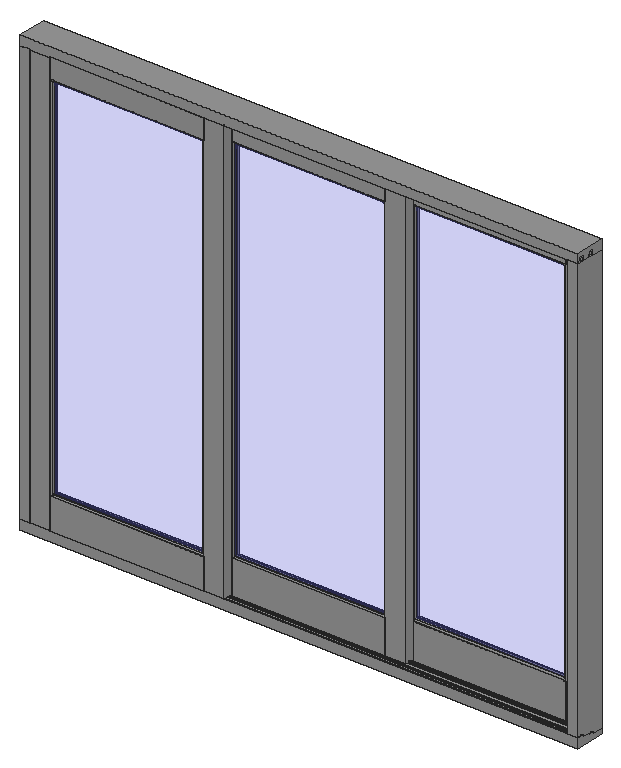
Revit family "VSD2.6TS RH", category Doors, host Wall, Revit 2015
Parameters (values of type "VSD2.6TS RH")
  Function = Interior
  Frame Projection Ext. = 25 mm
  Frame Projection Int. = 25 mm
  Frame Width = 75 mm
  Height = 2100 mm
  Wall Closure = By host
  Width = 2640 mm
Reference planes
  plane 1: y = 0
  plane 2 "Center (Left/Right)": x = 0
  plane 3 "Left": x = -1320
  plane 4 "Right": x = 1320
  plane 5: z = 2100
  plane 6 "Exterior": y = 75
  plane 7 "Interior": y = -75
  plane 8: x = -1275
  plane 9: x = -1170
  plane 10: x = 1275
  plane 11: x = 1170
  plane 12: x = -460
  plane 13: x = -355
  plane 14: x = 460
  plane 15: x = 355
  plane 16: x = 355
  plane 17: x = 460
  plane 18: x = 2905
  plane 19: x = 2800
  plane 20: x = 1170
  plane 21: x = 1275
  plane 22: x = 2090
  plane 23: x = 1985
  plane 24: x = -460
  plane 25: x = -355
  plane 26: x = 2090
  plane 27: x = 1985
  plane 28: x = 355
  plane 29: x = 460
  plane 30: x = 1275
  plane 31: x = 1170
Forms (mm)
  Extrusion 1, solid, material "Lauan, Meranti"
    sketch origin (0, 79.18, -119.746) x (0, 1, 0) y (0, 0, 1)
      loop
        line (-149.18, 119.746) -> (-9.18, 119.746) -> (-9.18, 140.746) -> (-61.18, 140.746) -> (-61.18, 151.746) -> (-85.18, 151.746) -> (-85.18, 152.746) -> (-117.18, 152.746) -> (-117.18, 163.746) -> (-141.18, 163.746) -> (-141.18, 164.746) -> (-149.18, 164.746) -> (-149.18, 119.746)
    from -1320 to 1320
  Extrusion 2, solid, material "Lauan, Meranti"
    sketch origin (0, 0, 0) x (0, 1, 0) y (0, 0, 1)
      loop
        line (70, 2100) -> (-70, 2100) -> (-70, 2055) -> (-61, 2055) -> (-61, 2075) -> (-39, 2075) -> (-39, 2055) -> (-5, 2055) -> (-5, 2075) -> (17, 2075) -> (17, 2055) -> (70, 2055) -> (70, 2100)
    from -1320 to 1320
  Extrusion 3, solid, material "Lauan, Meranti"
    sketch origin (0, 0, 0) x (1, 0, 0) y (0, 1, 0)
      loop
        line (-1320, 70) -> (-1320, -70) -> (-1275, -70) -> (-1275, 50) -> (-1277, 50) -> (-1277, 70) -> (-1320, 70)
      loop
        line (1320, 70) -> (1277, 70) -> (1277, 50) -> (1275, 50) -> (1275, -70) -> (1320, -70) -> (1320, 70)
    from 45 to 2055
  Extrusion 4, solid, material "Lauan, Meranti"
    sketch origin (0, 0, 0) x (1, 0, 0) y (0, 1, 0)
      loop
        line (-1275, 50) -> (-1277, 50) -> (-1277, 70) -> (-1320, 70) -> (-1320, -38) -> (-1275, -38) -> (-1275, 50)
      loop
        line (1275, 50) -> (1275, -38) -> (1320, -38) -> (1320, 70) -> (1277, 70) -> (1277, 50) -> (1275, 50)
    from 33 to 45
  Extrusion 5, solid, material "Steel, Chrome Plated"
    sketch origin (0, 0, 0) x (0, 1, 0) y (0, 0, 1)
      loop
        line (-38, 45) -> (-49, 45) -> (-49, 46.882)
        arc (-49, 46.882) -> (-50, 49.5) -> (-51, 46.882) r 1.5
        line (-51, 46.882) -> (-51, 45) -> (-62, 45) -> (-62, 44) -> (-38, 44) -> (-38, 45)
    from -1320 to 1320
  Extrusion 6, solid, material "Lauan, Meranti"
    sketch origin (0, 0, 0) x (1, 0, 0) y (0, 1, 0)
      loop
        line (-1320, 70) -> (-1320, 18) -> (-1275, 18) -> (-1275, 50) -> (-1277, 50) -> (-1277, 70) -> (-1320, 70)
      loop
        line (1320, 70) -> (1277, 70) -> (1277, 50) -> (1275, 50) -> (1275, 18) -> (1320, 18) -> (1320, 70)
    from 21 to 33
  Extrusion 7, solid, material "Steel, Chrome Plated"
    sketch origin (0, 56, -12) x (0, 1, 0) y (0, 0, 1)
      loop
        line (-38, 45) -> (-49, 45) -> (-49, 46.882)
        arc (-49, 46.882) -> (-50, 49.5) -> (-51, 46.882) r 1.5
        line (-51, 46.882) -> (-51, 45) -> (-62, 45) -> (-62, 44) -> (-38, 44) -> (-38, 45)
    from -460 to 1320
  Extrusion 8, solid, material "Lauan, Meranti"
    sketch origin (0, 0, 0) x (1, 0, 0) y (0, 1, 0)
      loop
        line (-1179, -70) -> (-1179, -68)
        arc (-1179, -68) -> (-1174.265, -66.44) -> (-1172, -62) r 6.549
        line (-1172, -62) -> (-1170, -62) -> (-1170, -60) -> (-1179, -60) -> (-1179, -30) -> (-1275, -30) -> (-1275, -70) -> (-1179, -70)
      loop
        line (-451, -70) -> (-355, -70) -> (-355, -30) -> (-451, -30) -> (-451, -60) -> (-460, -60) -> (-460, -62) -> (-458, -62)
        arc (-458, -62) -> (-455.735, -66.44) -> (-451, -68) r 6.549
        line (-451, -68) -> (-451, -70)
    from 45 to 2055
  Extrusion 9, solid, material "Lauan, Meranti"
    sketch origin (1630, 104, 0) x (1, 0, 0) y (0, 1, 0)
      loop
        line (-1179, -70) -> (-1179, -68)
        arc (-1179, -68) -> (-1174.265, -66.44) -> (-1172, -62) r 6.549
        line (-1172, -62) -> (-1170, -62) -> (-1170, -60) -> (-1179, -60) -> (-1179, -30) -> (-1275, -30) -> (-1275, -70) -> (-1179, -70)
      loop
        line (-451, -70) -> (-355, -70) -> (-355, -30) -> (-451, -30) -> (-451, -60) -> (-460, -60) -> (-460, -62) -> (-458, -62)
        arc (-458, -62) -> (-455.735, -66.44) -> (-451, -68) r 6.549
        line (-451, -68) -> (-451, -70)
    from 21 to 2055
  Extrusion 10, solid, material "Lauan, Meranti"
    sketch origin (1240.468, 46.5, 0) x (0, 1, 0) y (0, 0, 1)
      loop
        line (-4.5, 1952) -> (-4.5, 1950) -> (-2.5, 1950) -> (-2.5, 1959) -> (27.5, 1959) -> (27.5, 2055) -> (-12.5, 2055) -> (-12.5, 1959) -> (-10.5, 1959)
        arc (-10.5, 1959) -> (-8.866, 1954.33) -> (-4.5, 1952) r 6.807
      loop
        line (-12.5, 192) -> (-12.5, 21) -> (27.5, 21) -> (27.5, 192) -> (-2.5, 192) -> (-2.5, 201) -> (-4.5, 201) -> (-4.5, 199)
        arc (-4.5, 199) -> (-8.866, 196.67) -> (-10.5, 192) r 6.807
        line (-10.5, 192) -> (-12.5, 192)
    from -789.468 to -61.468
  Extrusion 11, solid, material "Lauan, Meranti"
    sketch origin (260.468, 46.5, 0) x (0, 1, 0) y (0, 0, 1)
      loop
        line (-52.5, 1952) -> (-52.5, 1950) -> (-50.5, 1950) -> (-50.5, 1959) -> (-20.5, 1959) -> (-20.5, 2055) -> (-60.5, 2055) -> (-60.5, 1959) -> (-58.5, 1959)
        arc (-58.5, 1959) -> (-56.866, 1954.33) -> (-52.5, 1952) r 6.807
      loop
        line (-60.5, 192) -> (-60.5, 33) -> (-20.5, 33) -> (-20.5, 192) -> (-50.5, 192) -> (-50.5, 201) -> (-52.5, 201) -> (-52.5, 199)
        arc (-52.5, 199) -> (-56.866, 196.67) -> (-58.5, 192) r 6.807
        line (-58.5, 192) -> (-60.5, 192)
    from -624.468 to 103.532
  Extrusion 12, solid, material "Lauan, Meranti"
    sketch origin (815, 56, 0) x (1, 0, 0) y (0, 1, 0)
      loop
        line (-1179, -70) -> (-1179, -68)
        arc (-1179, -68) -> (-1174.265, -66.44) -> (-1172, -62) r 6.549
        line (-1172, -62) -> (-1170, -62) -> (-1170, -60) -> (-1179, -60) -> (-1179, -30) -> (-1275, -30) -> (-1275, -70) -> (-1179, -70)
      loop
        line (-451, -70) -> (-355, -70) -> (-355, -30) -> (-451, -30) -> (-451, -60) -> (-460, -60) -> (-460, -62) -> (-458, -62)
        arc (-458, -62) -> (-455.735, -66.44) -> (-451, -68) r 6.549
        line (-451, -68) -> (-451, -70)
    from 33 to 2055
  Extrusion 13, solid, material "Lauan, Meranti"
    sketch origin (-659.532, 46.5, 0) x (0, 1, 0) y (0, 0, 1)
      loop
        line (-108.5, 1952) -> (-108.5, 1950) -> (-106.5, 1950) -> (-106.5, 1959) -> (-76.5, 1959) -> (-76.5, 2055) -> (-116.5, 2055) -> (-116.5, 1959) -> (-114.5, 1959)
        arc (-114.5, 1959) -> (-112.866, 1954.33) -> (-108.5, 1952) r 6.807
      loop
        line (-116.5, 192) -> (-116.5, 45) -> (-76.5, 45) -> (-76.5, 192) -> (-106.5, 192) -> (-106.5, 201) -> (-108.5, 201) -> (-108.5, 199)
        arc (-108.5, 199) -> (-112.866, 196.67) -> (-114.5, 192) r 6.807
        line (-114.5, 192) -> (-116.5, 192)
    from -519.468 to 208.532
  Sweep 14, solid, material "Lauan, Meranti"
    path origin (396.541, -71.95, -1407.63) x (1, 0, 0) y (0, 0, 1)
      loop
        line (54.459, 3366.63) -> (54.459, 1599.63) -> (782.459, 1599.63) -> (782.459, 3366.63) -> (54.459, 3366.63)
    profile origin (815, -71.95, 1959) x (0, 0, 1) y (0, -1, 0)
      loop
        line (-9, -124.5) -> (-9, -126.5) -> (-7, -126.5)
        arc (-7, -126.5) -> (-4.67, -130.866) -> (0, -132.5) r 6.807
        line (0, -132.5) -> (0, -124.5) -> (-9, -124.5)
  Extrusion 15, solid, material "Glass"
    sketch origin (691.517, -61, -241.167) x (1, 0, 0) y (0, 0, 1)
      loop
        line (-240.517, 2200.167) -> (-240.517, 433.167) -> (487.483, 433.167) -> (487.483, 2200.167) -> (-240.517, 2200.167)
    from -112.5 to -106.1
  Sweep 16, solid, material "Lauan, Meranti"
    path origin (-418.469, -119.95, -1407.63) x (1, 0, 0) y (0, 0, 1)
      loop
        line (54.459, 3366.63) -> (54.459, 1599.63) -> (782.459, 1599.63) -> (782.459, 3366.63) -> (54.459, 3366.63)
    profile origin (-0.01, -119.95, 1959) x (0, 0, 1) y (0, -1, 0)
      loop
        line (-9, -124.5) -> (-9, -126.5) -> (-7, -126.5)
        arc (-7, -126.5) -> (-4.67, -130.866) -> (0, -132.5) r 6.807
        line (0, -132.5) -> (0, -124.5) -> (-9, -124.5)
  Extrusion 17, solid, material "Glass"
    sketch origin (-123.493, -109, -241.167) x (1, 0, 0) y (0, 0, 1)
      loop
        line (-240.517, 2200.167) -> (-240.517, 433.167) -> (487.483, 433.167) -> (487.483, 2200.167) -> (-240.517, 2200.167)
    from -112.5 to -106.1
  Sweep 18, solid, material "Lauan, Meranti"
    path origin (-1233.469, -175.95, -1407.63) x (1, 0, 0) y (0, 0, 1)
      loop
        line (54.459, 3366.63) -> (54.459, 1599.63) -> (782.459, 1599.63) -> (782.459, 3366.63) -> (54.459, 3366.63)
    profile origin (-815.01, -175.95, 1959) x (0, 0, 1) y (0, -1, 0)
      loop
        line (-9, -124.5) -> (-9, -126.5) -> (-7, -126.5)
        arc (-7, -126.5) -> (-4.67, -130.866) -> (0, -132.5) r 6.807
        line (0, -132.5) -> (0, -124.5) -> (-9, -124.5)
  Extrusion 19, solid, material "Glass"
    sketch origin (-938.493, -165, -241.167) x (1, 0, 0) y (0, 0, 1)
      loop
        line (-240.517, 2200.167) -> (-240.517, 433.167) -> (487.483, 433.167) -> (487.483, 2200.167) -> (-240.517, 2200.167)
    from -112.5 to -106.1
  Extrusion 20, solid, material "Steel, Chrome Plated"
    sketch origin (0, 0, 0) x (0, 1, 0) y (0, 0, 1)
      loop
        line (16.5, 2075) -> (-4.5, 2075) -> (-4.5, 2055) -> (-2.3, 2055) -> (-2.3, 2072.8) -> (14.3, 2072.8) -> (14.3, 2055) -> (16.5, 2055) -> (16.5, 2075)
    from -1320 to 1320
  Extrusion 21, solid, material "Steel, Chrome Plated"
    sketch origin (0, -56, 0) x (0, 1, 0) y (0, 0, 1)
      loop
        line (16.5, 2075) -> (-4.5, 2075) -> (-4.5, 2055) -> (-2.3, 2055) -> (-2.3, 2072.8) -> (14.3, 2072.8) -> (14.3, 2055) -> (16.5, 2055) -> (16.5, 2075)
    from -1320 to 1320
Cuts and joins
  joined: Extrusion 3, Extrusion 4, Extrusion 6
Lines and regions (mm)
  Opening 1
    outline origin (-3050, -75, 0) x (1, 0, 0) y (0, 0, 1)
      loop
        line (1730, 0) -> (4370, 0) -> (4370, 2100) -> (1730, 2100) -> (1730, 0)
  model lines
    curve 1: line (-255.153, 99.5, 1050) -> (85.77, 99.5, 1050)
    curve 2: line (224.847, 99.5, 1050) -> (85.77, 99.5, 1106.191)
    curve 3: line (85.77, 99.5, 1106.191) -> (85.77, 99.5, 993.809)
    curve 4: line (224.847, 99.5, 1050) -> (85.77, 99.5, 993.809)
    curve 5: line (-1070.153, 99.5, 1050) -> (-729.23, 99.5, 1050)
    curve 6: line (-590.153, 99.5, 1050) -> (-729.23, 99.5, 1106.191)
    curve 7: line (-729.23, 99.5, 1106.191) -> (-729.23, 99.5, 993.809)
    curve 8: line (-590.153, 99.5, 1050) -> (-729.23, 99.5, 993.809)
Text (mm)
  text "Exterior" at (-2295.016, 1099.543, 0), in view "Ref. Level"
  text "Exterior" at (0, 1615.38, 3698.081), in view "Left"
  text "Exterior" at (0, 1036.032, 3874.932), in view "Right"
Dimensions and locks
  equal spacing: plane 3 "Left", plane 2 "Center (Left/Right)", plane 4 "Right"
  "Width": plane 3 "Left" to plane 4 "Right"
  "Height": plane 5 to host wall
  host wall to plane 5 = 2100 mm  (x2)
  locked: plane 6 "Exterior" to host wall at 0
  locked: plane 7 "Interior" to host wall
  plane 3 "Left" to plane 4 "Right" = 2640 mm
  aligned and locked: plane 3 "Left" to Opening 1 sketch curve
  aligned and locked: plane 5 to Opening 1 sketch curve  (x2)
  aligned and locked: Opening 1 sketch curve to plane 4 "Right"
  aligned and locked: Opening 1 sketch curve to level
  aligned and locked: plane 1 to host wall
  aligned and locked: Extrusion 1 to host wall  (x2)
  aligned and locked: Extrusion 2 to host wall  (x2)
Automatic sketch dimensions
  Extrusion 1 sketch curve to level = 0 mm
  Extrusion 1 sketch curve to host wall = 5 mm  (x2)
  Extrusion 1 sketch curve to Extrusion 1 sketch curve = 8 mm
  Extrusion 1 sketch curve to Extrusion 1 sketch curve = 24 mm
  host wall to Extrusion 1 sketch curve = 6 mm
  Extrusion 1 sketch curve to host wall = 18 mm
  level to Extrusion 1 sketch curve = 21 mm
  Extrusion 1 sketch curve to Extrusion 1 sketch curve = 11 mm  (x2)
  Extrusion 1 sketch curve to Extrusion 1 sketch curve = 1 mm  (x2)
  plane 5 to Extrusion 2 sketch curve = 0 mm
  Extrusion 2 sketch curve to host wall = 5 mm  (x2)
  Extrusion 2 sketch curve to Extrusion 2 sketch curve = 9 mm
  Extrusion 2 sketch curve to Extrusion 2 sketch curve = 22 mm
  host wall to Extrusion 2 sketch curve = 5 mm
  Extrusion 2 sketch curve to host wall = 17 mm
  plane 5 to Extrusion 2 sketch curve = 25 mm  (x2)
  Extrusion 2 sketch curve to Extrusion 2 sketch curve = 20 mm  (x3)
  Extrusion 3 sketch curve to plane 3 "Left" = 0 mm
  Extrusion 3 sketch curve to plane 4 "Right" = 0 mm
  Extrusion 3 sketch curve to plane 3 "Left" = 43 mm
  Extrusion 3 sketch curve to host wall = 5 mm  (x4)
  Extrusion 3 sketch curve to Extrusion 3 sketch curve = 45 mm
  plane 4 "Right" to Extrusion 3 sketch curve = 45 mm
  Extrusion 3 sketch curve to Extrusion 3 sketch curve = 2 mm
  Extrusion 3 sketch curve to host wall = 25 mm  (x2)
  Extrusion 4 sketch curve to plane 3 "Left" = 0 mm
  Extrusion 4 sketch curve to plane 4 "Right" = 0 mm
  Extrusion 4 sketch curve to plane 3 "Left" = 43 mm
  Extrusion 4 sketch curve to Extrusion 4 sketch curve = 2 mm  (x2)
  plane 4 "Right" to Extrusion 4 sketch curve = 45 mm
  Extrusion 4 sketch curve to host wall = 5 mm  (x2)
  Extrusion 4 sketch curve to host wall = 25 mm
  Extrusion 4 sketch curve to Extrusion 4 sketch curve = 20 mm
  Extrusion 4 sketch curve to host wall = 37 mm  (x2)
  curve 7 to plane 3 "Left" = 590.77 mm
  curve 5 to curve 8 = 139.078 mm
  plane 2 "Center (Left/Right)" to curve 3 = 85.77 mm
  curve 1 to curve 4 = 139.078 mm
  level to curve 4 = 993.809 mm
  curve 7 to curve 3 = 0 mm
  curve 7 to curve 8 = 56.191 mm
  curve 3 to curve 4 = 56.191 mm
  curve 3 to curve 3 = 112.382 mm
  curve 7 to curve 7 = 112.382 mm
  curve 5 to plane 3 "Left" = 249.847 mm
  curve 1 to plane 2 "Center (Left/Right)" = 255.153 mm
  curve 1 to curve 2 = 56.191 mm
  curve 5 to curve 6 = 56.191 mm
  Extrusion 5 sketch curve to host wall = 13 mm
  Extrusion 5 sketch curve to Extrusion 5 sketch curve = 11 mm  (x2)
  Extrusion 5 sketch curve to Extrusion 5 sketch curve = 1 mm  (x4)
  level to Extrusion 5 sketch curve = 44 mm
  Extrusion 5 sketch curve to Extrusion 5 sketch curve = 1.882 mm
  Extrusion 5 sketch curve to Extrusion 5 sketch curve = 1.118 mm
  Extrusion 6 sketch curve to plane 3 "Left" = 0 mm
  Extrusion 6 sketch curve to plane 4 "Right" = 0 mm
  Extrusion 6 sketch curve to host wall = 5 mm  (x2)
  Extrusion 6 sketch curve to Extrusion 6 sketch curve = 43 mm
  Extrusion 6 sketch curve to Extrusion 6 sketch curve = 2 mm  (x2)
  Extrusion 6 sketch curve to host wall = 18 mm  (x2)
  plane 4 "Right" to Extrusion 6 sketch curve = 45 mm
  Extrusion 6 sketch curve to Extrusion 6 sketch curve = 20 mm
  Extrusion 6 sketch curve to host wall = 25 mm
  host wall to Extrusion 7 sketch curve = 6 mm
  Extrusion 7 sketch curve to host wall = 5 mm
  Extrusion 7 sketch curve to Extrusion 7 sketch curve = 1 mm  (x4)
  Extrusion 7 sketch curve to Extrusion 7 sketch curve = 11 mm
  level to Extrusion 7 sketch curve = 32 mm
  Extrusion 7 sketch curve to Extrusion 7 sketch curve = 1.882 mm
  Extrusion 7 sketch curve to Extrusion 7 sketch curve = 1.118 mm
  Extrusion 8 sketch curve to plane 8 = 0 mm
  Extrusion 8 sketch curve to plane 9 = 0 mm
  Extrusion 8 sketch curve to plane 12 = 0 mm
  Extrusion 8 sketch curve to plane 13 = 0 mm
  plane 9 to Extrusion 8 sketch curve = 9 mm  (x2)
  Extrusion 8 sketch curve to Extrusion 8 sketch curve = 0.473 mm  (x3)
  Extrusion 8 sketch curve to Extrusion 8 sketch curve = 2 mm  (x5)
  Extrusion 8 sketch curve to Extrusion 8 sketch curve = 6.527 mm
  Extrusion 8 sketch curve to host wall = 5 mm  (x2)
  Extrusion 8 sketch curve to Extrusion 8 sketch curve = 6 mm  (x2)
  Extrusion 8 sketch curve to Extrusion 8 sketch curve = 1.468 mm
  host wall to Extrusion 8 sketch curve = 30 mm  (x2)
  Extrusion 9 sketch curve to plane 16 = 0 mm
  Extrusion 9 sketch curve to plane 17 = 0 mm
  Extrusion 9 sketch curve to plane 20 = 0 mm
  Extrusion 9 sketch curve to plane 21 = 0 mm
  plane 17 to Extrusion 9 sketch curve = 9 mm  (x2)
  Extrusion 9 sketch curve to host wall = 1 mm  (x2)
  Extrusion 9 sketch curve to Extrusion 9 sketch curve = 0.473 mm  (x3)
  Extrusion 9 sketch curve to Extrusion 9 sketch curve = 2 mm  (x6)
  Extrusion 9 sketch curve to Extrusion 9 sketch curve = 6.527 mm
  Extrusion 9 sketch curve to host wall = 31 mm  (x2)
  Extrusion 9 sketch curve to Extrusion 9 sketch curve = 1.468 mm  (x2)
  Extrusion 10 sketch curve to host wall = 34 mm  (x2)
  Extrusion 10 sketch curve to Extrusion 10 sketch curve = 2 mm  (x6)
  Extrusion 10 sketch curve to Extrusion 10 sketch curve = 6 mm  (x2)
  Extrusion 10 sketch curve to Extrusion 10 sketch curve = 0.803 mm
  Extrusion 10 sketch curve to Extrusion 10 sketch curve = 6.803 mm
  Extrusion 10 sketch curve to host wall = 1 mm  (x2)
  level to Extrusion 10 sketch curve = 21 mm
  Extrusion 10 sketch curve to Extrusion 10 sketch curve = 171 mm
  Extrusion 10 sketch curve to Extrusion 10 sketch curve = 0 mm
  Extrusion 10 sketch curve to Extrusion 10 sketch curve = 0.241 mm  (x2)
  plane 5 to Extrusion 10 sketch curve = 150 mm
  Extrusion 10 sketch curve to Extrusion 10 sketch curve = 6.759 mm
  plane 5 to Extrusion 10 sketch curve = 45 mm
  host wall to Extrusion 11 sketch curve = 14 mm  (x2)
  Extrusion 11 sketch curve to Extrusion 11 sketch curve = 2 mm  (x4)
  host wall to Extrusion 11 sketch curve = 6 mm  (x2)
  host wall to Extrusion 11 sketch curve = 5.197 mm  (x2)
  Extrusion 11 sketch curve to Extrusion 11 sketch curve = 1.197 mm  (x2)
  Extrusion 11 sketch curve to host wall = 26 mm  (x2)
  level to Extrusion 11 sketch curve = 33 mm
  Extrusion 11 sketch curve to Extrusion 11 sketch curve = 159 mm
  Extrusion 11 sketch curve to Extrusion 11 sketch curve = 0 mm
  Extrusion 11 sketch curve to Extrusion 11 sketch curve = 0.241 mm  (x2)
  plane 5 to Extrusion 11 sketch curve = 150 mm
  Extrusion 11 sketch curve to Extrusion 11 sketch curve = 6.759 mm
  plane 5 to Extrusion 11 sketch curve = 45 mm
  Extrusion 12 sketch curve to plane 24 = 0 mm
  Extrusion 12 sketch curve to plane 25 = 0 mm
  Extrusion 12 sketch curve to plane 28 = 0 mm
  Extrusion 12 sketch curve to plane 29 = 0 mm
  plane 25 to Extrusion 12 sketch curve = 9 mm  (x2)
  Extrusion 12 sketch curve to Extrusion 12 sketch curve = 0.473 mm  (x3)
  Extrusion 12 sketch curve to Extrusion 12 sketch curve = 2 mm  (x5)
  host wall to Extrusion 12 sketch curve = 5.468 mm
  Extrusion 12 sketch curve to Extrusion 12 sketch curve = 6.527 mm
  host wall to Extrusion 12 sketch curve = 6 mm  (x2)
  Extrusion 12 sketch curve to Extrusion 12 sketch curve = 6 mm
  Extrusion 12 sketch curve to Extrusion 12 sketch curve = 1.468 mm
  Extrusion 12 sketch curve to host wall = 26 mm  (x2)
  Extrusion 13 sketch curve to host wall = 5 mm  (x2)
  Extrusion 13 sketch curve to Extrusion 13 sketch curve = 2 mm  (x4)
  Extrusion 13 sketch curve to Extrusion 13 sketch curve = 6 mm  (x2)
  Extrusion 13 sketch curve to Extrusion 13 sketch curve = 0.803 mm
  Extrusion 13 sketch curve to Extrusion 13 sketch curve = 6.803 mm
  Extrusion 13 sketch curve to Extrusion 13 sketch curve = 1.197 mm  (x2)
  host wall to Extrusion 13 sketch curve = 30 mm  (x2)
  level to Extrusion 13 sketch curve = 45 mm
  Extrusion 13 sketch curve to Extrusion 13 sketch curve = 147 mm
  Extrusion 13 sketch curve to Extrusion 13 sketch curve = 0 mm
  Extrusion 13 sketch curve to Extrusion 13 sketch curve = 0.241 mm  (x2)
  plane 5 to Extrusion 13 sketch curve = 150 mm
  Extrusion 13 sketch curve to Extrusion 13 sketch curve = 6.759 mm
  plane 5 to Extrusion 13 sketch curve = 45 mm
  level to Sweep 14 sketch curve = 192 mm
  plane 2 "Center (Left/Right)" to Sweep 14 sketch curve = 451 mm
  plane 4 "Right" to Sweep 14 sketch curve = 141 mm
  plane 5 to Sweep 14 sketch curve = 141 mm
  profile plane to Sweep 14 sketch curve = 0 mm
  profile plane to Sweep 14 sketch curve = 0.241 mm
  Sweep 14 sketch curve to Sweep 14 sketch curve = 6.759 mm
  Sweep 14 sketch curve to Sweep 14 sketch curve = 2 mm  (x2)
  Sweep 14 sketch curve to profile plane = 132.5 mm
  Sweep 14 sketch curve to Sweep 14 sketch curve = 6 mm
  level to Extrusion 15 sketch curve = 192 mm
  plane 2 "Center (Left/Right)" to Extrusion 15 sketch curve = 451 mm
  plane 4 "Right" to Extrusion 15 sketch curve = 141 mm
  plane 5 to Extrusion 15 sketch curve = 141 mm
  Sweep 16 sketch curve to plane 2 "Center (Left/Right)" = 364.01 mm
  plane 2 "Center (Left/Right)" to Sweep 16 sketch curve = 363.99 mm
  level to Sweep 16 sketch curve = 192 mm
  plane 5 to Sweep 16 sketch curve = 141 mm
  profile plane to Sweep 16 sketch curve = 0 mm
  profile plane to Sweep 16 sketch curve = 0.241 mm
  Sweep 16 sketch curve to Sweep 16 sketch curve = 6.759 mm
  Sweep 16 sketch curve to Sweep 16 sketch curve = 2 mm  (x2)
  Sweep 16 sketch curve to profile plane = 132.5 mm
  Sweep 16 sketch curve to Sweep 16 sketch curve = 6 mm
  Extrusion 17 sketch curve to plane 2 "Center (Left/Right)" = 364.01 mm
  plane 2 "Center (Left/Right)" to Extrusion 17 sketch curve = 363.99 mm
  level to Extrusion 17 sketch curve = 192 mm
  plane 5 to Extrusion 17 sketch curve = 141 mm
  Sweep 18 sketch curve to plane 3 "Left" = 140.99 mm
  level to Sweep 18 sketch curve = 192 mm
  Sweep 18 sketch curve to plane 2 "Center (Left/Right)" = 451.01 mm
  plane 5 to Sweep 18 sketch curve = 141 mm
  profile plane to Sweep 18 sketch curve = 0 mm
  profile plane to Sweep 18 sketch curve = 0.241 mm
  Sweep 18 sketch curve to Sweep 18 sketch curve = 6.759 mm
  Sweep 18 sketch curve to Sweep 18 sketch curve = 2 mm  (x2)
  Sweep 18 sketch curve to profile plane = 132.5 mm
  Sweep 18 sketch curve to Sweep 18 sketch curve = 6 mm
  Extrusion 19 sketch curve to plane 3 "Left" = 140.99 mm
  level to Extrusion 19 sketch curve = 192 mm
  Extrusion 19 sketch curve to plane 2 "Center (Left/Right)" = 451.01 mm
  plane 5 to Extrusion 19 sketch curve = 141 mm
  host wall to Extrusion 20 sketch curve = 4.5 mm
  host wall to Extrusion 20 sketch curve = 2.3 mm
  Extrusion 20 sketch curve to host wall = 14.3 mm
  Extrusion 20 sketch curve to Extrusion 20 sketch curve = 2.2 mm  (x2)
  plane 5 to Extrusion 20 sketch curve = 45 mm
  Extrusion 20 sketch curve to Extrusion 20 sketch curve = 0 mm
  Extrusion 20 sketch curve to Extrusion 20 sketch curve = 17.8 mm
  Extrusion 21 sketch curve to host wall = 14.5 mm
  Extrusion 21 sketch curve to Extrusion 21 sketch curve = 2.2 mm  (x3)
  Extrusion 21 sketch curve to Extrusion 21 sketch curve = 16.6 mm
  plane 5 to Extrusion 21 sketch curve = 45 mm
  Extrusion 21 sketch curve to Extrusion 21 sketch curve = 0 mm
  Extrusion 21 sketch curve to Extrusion 21 sketch curve = 17.8 mm
